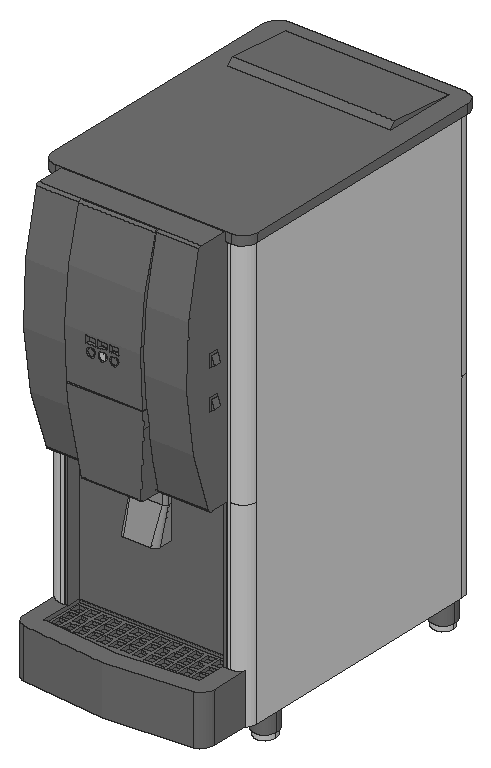
Revit family "QF_HOSHIZAKI_DCM-120KE", category Specialty Equipment, Revit 2016
Family settings
  Part Type = Normal
  Round Connector Dimension = Use Diameter
  OmniClass Number = 23.40.40.14
  OmniClass Title = Food Service Equipment
  Work Plane-Based = No
  Always vertical = Yes
  Cut with Voids When Loaded = No
  Shared = No
  Room Calculation Point = No
Parameters (values of type "DCM-120KE_240V/1Ph/60Hz")
  Weight = 57.00 kg
  Waste Remarks [instance] = ""
  Volts = 240 V
  URL Cutsheet = ""
  URL = "www.hoshizaki-europe.com"
  Status [instance] = ""
  Specification by User [instance] = ""
  Specification by Manufacturer [instance] = ""
  Serial Number = ""
  Seismic Rating = ""
  SMACNA No = ""
  Revision Code [instance] = ""
  Phase = 1
  Number of Poles = 2
  NAFEM Spec ID Number = ""
  Model = "DCM-120KE "
  Min Ckt Ampacity = 0 A
  Max Overcurrent Protection = 0 A
  Masterspec = ""
  Manufacturer = "HOSHIZAKI"
  Length Actual = 350 mm
  Item Number [instance] = ""
  Installed By [instance] = ""
  Indirect Waste Size = 25.4 mm
  Indirect Waste Connection Type [instance] = ""
  Indirect Waste Connection Height [instance] = 27 mm
  Identify Quantity as Lot [instance] = no
  Height Actual = 815 mm
  HP power = ""
  Furnished By [instance] = ""
  Foodservice Equipment Identifier [instance] = yes
  FL Amps = 20 A
  Electric power = 480 W
  Electric Connection Type [instance] = ""
  Elec Conn RI Height [instance] = 0 mm
  Elec Conn Connection Height [instance] = 45 mm
  Direct Waste RI Height [instance] = 0 mm
  Description = "DCM ICE AND WATER DISPENSER, 120KG PER 24 HOURS, CUBELET AND WATER, PUSH BUTTON"
  Depth Actual = 585 mm
  Cycle = 60 Hz
  Cost = 0
  Conn Plug = ""
  Conn Conduit = no
  Cold Water Temperature Recommended = 0 °C
  Cold Water Size = 19.05 mm
  Cold Water Flow = 0.0 L/s
  Cold Water Connection Height [instance] = 27 mm
  CSI MasterFormat = ""
  Assembly Code = "E1090320"
  Apparent Power = 480 VA
  Accessory = no
Types (2, lengths in mm): name | Volts | Cycle
  DCM-120KE_230V/1Ph/50Hz | 230 V | 50 Hz
  DCM-120KE_240V/1Ph/60Hz | 240 V | 60 Hz
Reference planes
  plane 1 "Center (Front/Back)": y = 0
  plane 2: z = 0
  plane 3 "Center (Left/Right)": x = 0
Forms (mm)
  Extrusion 1, solid, not visible
    sketch origin (24, -306, 26) x (1, 0, 0) y (0, 1, 0)
      loop
        line (0, 0) -> (2, 0) -> (2, 2) -> (0, 2) -> (0, 0)
    from 0 to 2
  Extrusion 2, solid, not visible
    sketch origin (266, -463, 26) x (1, 0, 0) y (0, 1, 0)
      loop
        line (0, 0) -> (2, 0) -> (2, 2) -> (0, 2) -> (0, 0)
    from 0 to 2
  Extrusion 3, solid, not visible
    sketch origin (319, -377, 44) x (1, 0, 0) y (0, 1, 0)
      loop
        line (0, 0) -> (2, 0) -> (2, 2) -> (0, 2) -> (0, 0)
    from 0 to 2
  Extrusion 4, solid, not visible
    sketch origin (24, -306, 26) x (1, 0, 0) y (0, 1, 0)
      loop
        line (0, 0) -> (2, 0) -> (2, 2) -> (0, 2) -> (0, 0)
    from 0 to 2
  Extrusion 5, solid, not visible
    sketch origin (266, -463, 26) x (1, 0, 0) y (0, 1, 0)
      loop
        line (0, 0) -> (2, 0) -> (2, 2) -> (0, 2) -> (0, 0)
    from 0 to 2
  Extrusion 6, solid, not visible
    sketch origin (319, -377, 44) x (1, 0, 0) y (0, 1, 0)
      loop
        line (0, 0) -> (2, 0) -> (2, 2) -> (0, 2) -> (0, 0)
    from 0 to 2
Dimensions and locks
  aligned and locked: level to plane 2
Nested families
  nested 1: "QF_HOSHIZAKI_DCM-120KE_230V_1Ph_50Hz" at (0, 0, 0), type "DCM-120KE_230V/1Ph/50Hz"
    with Show Clearance yes
Connectors
  piping at (25, -304, 27), diameter 19.05, driven by "Cold Water Size", driven by "Cold Water Flow"
    settings: on Extrusion 1, index 1, connector inside diameter 609.6 mm, connector length 0 mm, flow factor 0, pipe flow 0.0 L/s, pressure drop 0.0 Pa, fitting loss kfactor 0, connector angle 0.00°, fixture units 0, engagement length 0 mm, angle of deflection 0.00°, flow configuration 1, flow direction 1, fitting loss method 0, system type 20, joint type 0, gender type 0, connector reference index -1, connector utility 0, adjustable connector no, is connector primary yes, connector description "Cold Water connection for 'DCM-120KE'"
  piping at (267, -461, 27), diameter 25.4, driven by "Indirect Waste Size"
    settings: on Extrusion 2, index 2, connector inside diameter 609.6 mm, connector length 0 mm, flow factor 0, pipe flow 0.0 L/s, pressure drop 0.0 Pa, fitting loss kfactor 0, connector angle 0.00°, fixture units 0, engagement length 0 mm, angle of deflection 0.00°, flow configuration 1, flow direction 2, fitting loss method 0, system type 16, joint type 0, gender type 0, connector reference index -1, connector utility 0, adjustable connector no, is connector primary no, connector description "Drain connection for 'DCM-120KE'"
  electrical at (320, -375, 45), driven by "Apparent Power", driven by "Number of Poles", driven by "Volts"
    settings: on Extrusion 3, index 3, voltage 240 V, apparent load 0 VA, apparent load phase1 480 VA, apparent load phase2 0 VA, apparent load phase3 0 VA, power factor 1, load classification "Other", number of poles 2, system type 31, power factor state 1, is connector primary yes, connector utility no, sub classification motor no, connector description "Electric connection for 'DCM-120KE'"
  piping at (25, -304, 27), diameter 19.05, driven by "Cold Water Size", driven by "Cold Water Flow"
    settings: on Extrusion 4, index 4, connector inside diameter 609.6 mm, connector length 0 mm, flow factor 0, pipe flow 0.0 L/s, pressure drop 0.0 Pa, fitting loss kfactor 0, connector angle 0.00°, fixture units 0, engagement length 0 mm, angle of deflection 0.00°, flow configuration 1, flow direction 1, fitting loss method 0, system type 20, joint type 0, gender type 0, connector reference index -1, connector utility 0, adjustable connector no, is connector primary no, connector description "Cold Water connection for 'DCM-120KE'"
  piping at (267, -461, 27), diameter 25.4, driven by "Indirect Waste Size"
    settings: on Extrusion 5, index 5, connector inside diameter 609.6 mm, connector length 0 mm, flow factor 0, pipe flow 0.0 L/s, pressure drop 0.0 Pa, fitting loss kfactor 0, connector angle 0.00°, fixture units 0, engagement length 0 mm, angle of deflection 0.00°, flow configuration 1, flow direction 2, fitting loss method 0, system type 16, joint type 0, gender type 0, connector reference index -1, connector utility 0, adjustable connector no, is connector primary no, connector description "Drain connection for 'DCM-120KE'"
  electrical at (320, -375, 45), driven by "Apparent Power", driven by "Number of Poles", driven by "Volts"
    settings: on Extrusion 6, index 6, voltage 240 V, apparent load 0 VA, apparent load phase1 480 VA, apparent load phase2 0 VA, apparent load phase3 0 VA, power factor 1, load classification "Other", number of poles 2, system type 31, power factor state 1, is connector primary no, connector utility no, sub classification motor no, connector description "Electric connection for 'DCM-120KE'"
Definition of nested family "QF_HOSHIZAKI_DCM-120KE_230V_1Ph_50Hz"
  Parameters (values of type "DCM-120KE_230V/1Ph/50Hz")
    URL = "www.hoshizaki-europe.com"
    Show Clearance [instance] = yes
    Model = "DCM-120KE"
    Manufacturer = "HOSHIZAKI"
    Description = "DCM ICE AND WATER DISPENSER, 120KG PER 24 HOURS, CUBELET AND WATER, PUSH BUTTON"
    CSI MasterFormat = ""
    Assembly Code = "E1090320"
  Types (4, lengths in mm): name | Model | Description
    (no name) | "DCM-120KE-P" | "DCM ICE AND WATER DISPENSER, 120KG PER 24 HOURS, CUBELET AND WATER, PUSH BUTTON"
    DCM-120KE_230V/1Ph/50Hz | "DCM-120KE" | "DCM ICE AND WATER DISPENSER, 120KG PER 24 HOURS, CUBELET AND WATER, PUSH BUTTON"
    DCM-120KE-P | "DCM-120KE-P" | "DCM ICE AND WATER DISPENSER, 120KG PER 24 HOURS, CUBELET AND WATER, PUSH BUTTON"
    DCM-120KE-HC | "DCM-120KE-HC" | "DCM ICE AND WATER DISPENSER, 120KG PER 24 HOURS, CUBELET AND WATER, LEVER"
  Reference planes
    plane 1 "Back": y = 0
    plane 2: z = 0
    plane 3 "Left": x = 0
    plane 4 "Right": x = 350
    plane 5 "Front": y = -585
    plane 6 "Top": z = 815
    plane 7: y = -579.094
  Forms (mm)
    Extrusion 1, solid
      sketch origin (0, 0, 120) x (1, 0, 0) y (0, 1, 0)
        loop
          arc (25, 0) -> (7.322, -7.322) -> (0, -25) r 25
          line (0, -25) -> (0, -472.5)
          arc (0, -472.5) -> (7.322, -490.178) -> (25, -497.5) r 25
          line (25, -497.5) -> (325, -497.5)
          arc (325, -497.5) -> (342.678, -490.178) -> (350, -472.5) r 25
          line (350, -472.5) -> (350, -25)
          arc (350, -25) -> (342.678, -7.322) -> (325, 0) r 25
          line (325, 0) -> (25, 0)
      from 670 to 685
    Extrusion 2, solid
      sketch origin (0, 0, 389) x (1, 0, 0) y (0, 1, 0)
        loop
          arc (25, -5) -> (10.858, -10.858) -> (5, -25) r 20
          line (5, -25) -> (5, -468)
          arc (5, -468) -> (12.322, -485.678) -> (30, -493) r 25
          line (30, -493) -> (320, -493)
          arc (320, -493) -> (337.678, -485.678) -> (345, -468) r 25
          line (345, -468) -> (345, -30)
          arc (345, -30) -> (337.678, -12.322) -> (320, -5) r 25
          line (320, -5) -> (25, -5)
      from 0 to 399
    Extrusion 3, solid
      sketch origin (0, 0, 50) x (1, 0, 0) y (0, 1, 0)
        loop
          arc (25, -5) -> (10.858, -10.858) -> (5, -25) r 20
          line (5, -25) -> (5, -468)
          arc (5, -468) -> (12.322, -485.678) -> (30, -493) r 25
          line (30, -493) -> (36, -493) -> (36, -464) -> (314, -464) -> (314, -493) -> (320, -493)
          arc (320, -493) -> (337.678, -485.678) -> (345, -468) r 25
          line (345, -468) -> (345, -30)
          arc (345, -30) -> (337.678, -12.322) -> (320, -5) r 25
          line (320, -5) -> (25, -5)
      from 0 to 339
    Extrusion 4, solid
      sketch origin (0, -66, 50) x (1, 0, 0) y (0, 1, 0)
        loop
          line (12, -419.349) -> (12, -482.41)
          arc (12, -482.41) -> (17.026, -497.445) -> (30.084, -506.435) r 25
          arc (30.084, -506.435) -> (175, -519.412) -> (319.916, -506.435) r 815.614
          arc (319.916, -506.435) -> (332.974, -497.445) -> (338, -482.41) r 25
          line (338, -482.41) -> (338, -419.349)
          arc (338, -419.349) -> (329.779, -425.008) -> (320, -427) r 25
          line (320, -427) -> (314, -427) -> (314, -398) -> (36, -398) -> (36, -427) -> (30, -427)
          arc (30, -427) -> (20.221, -425.008) -> (12, -419.349) r 25
        loop
          line (308, -403) -> (42, -403) -> (42, -478.072)
          arc (42, -478.072) -> (175, -489.412) -> (308, -478.072) r 785.614
          line (308, -478.072) -> (308, -403)
      from 0 to 85
    Extrusion 5, solid
      sketch origin (0, -66, 0) x (1, 0, 0) y (0, 1, 0)
        loop
          line (36, -398) -> (36, -427) -> (42, -427) -> (42, -403) -> (308, -403) -> (308, -427) -> (314, -427) -> (314, -398) -> (36, -398)
      from 135 to 389
    Extrusion 6, solid
      sketch origin (0, -66, 47) x (0, 1, 0) y (0, 0, 1)
        loop
          line (-432, 758) -> (-481.019, 758)
          arc (-481.019, 758) -> (-484.281, 757.203) -> (-486.807, 754.99) r 7.071
          arc (-486.807, 754.99) -> (-512.728, 548.052) -> (-465.09, 345.01) r 590.478
          arc (-465.09, 345.01) -> (-462.564, 342.797) -> (-459.302, 342) r 7.071
          line (-459.302, 342) -> (-427, 342) -> (-427, 743) -> (-432, 743) -> (-432, 758)
      from 36 to 314
    Extrusion 7, solid
      sketch origin (110, -56, 47) x (0, 1, 0) y (0, 0, 1)
        loop
          arc (-517.034, 494) -> (-521.761, 625.645) -> (-496.807, 754.99) r 582.888
          arc (-496.807, 754.99) -> (-494.281, 757.203) -> (-491.019, 758) r 7.071
          line (-491.019, 758) -> (-491.929, 758)
          arc (-491.929, 758) -> (-495.191, 757.203) -> (-497.717, 754.99) r 7.071
          arc (-497.717, 754.99) -> (-526.179, 626.038) -> (-524.034, 494) r 566.877
          line (-524.034, 494) -> (-517.034, 494)
        loop
          line (-504.139, 342) -> (-468.212, 342)
          arc (-468.212, 342) -> (-471.474, 342.797) -> (-474, 345.01) r 7.071
          arc (-474, 345.01) -> (-500.684, 416.695) -> (-516.653, 491.5) r 524.296
          line (-516.653, 491.5) -> (-523.913, 491.5)
          arc (-523.913, 491.5) -> (-519.206, 418.037) -> (-509.927, 345.01) r 1179.959
          arc (-509.927, 345.01) -> (-507.401, 342.797) -> (-504.139, 342) r 7.071
      from 0 to 130
    Extrusion 8, void
      sketch origin (0, -66, 47) x (1, 0, 0) y (0, 0, 1)
        loop
          line (225, 342) -> (240, 342) -> (240, 464.165) -> (225, 342)
        loop
          line (125, 342) -> (110, 464.165) -> (110, 342) -> (125, 342)
      from 527.039 to 427
    Extrusion 9, solid
      sketch origin (0, -66, 0) x (1, 0, 0) y (0, 1, 0)
        loop
          arc (42, -478.072) -> (175, -489.412) -> (308, -478.072) r 785.614
          line (308, -478.072) -> (308, -403) -> (42, -403) -> (42, -478.072)
      from 50 to 65.191
    Extrusion 10, solid
      sketch origin (0, -66, 125) x (1, 0, 0) y (0, 1, 0)
        loop
          line (44, -405) -> (44, -478.385)
          arc (44, -478.385) -> (175, -489.412) -> (306, -478.385) r 783.614
          line (306, -478.385) -> (306, -405) -> (44, -405)
        loop
          line (62.5, -410) -> (47.5, -410) -> (47.5, -427) -> (62.5, -427) -> (62.5, -410)
        loop
          line (67.5, -410) -> (67.5, -427) -> (82.5, -427) -> (82.5, -410) -> (67.5, -410)
        loop
          line (87.5, -410) -> (87.5, -427) -> (102.5, -427) -> (102.5, -410) -> (87.5, -410)
        loop
          line (107.5, -410) -> (107.5, -427) -> (122.5, -427) -> (122.5, -410) -> (107.5, -410)
        loop
          line (127.5, -410) -> (127.5, -427) -> (142.5, -427) -> (142.5, -410) -> (127.5, -410)
        loop
          line (147.5, -410) -> (147.5, -427) -> (162.5, -427) -> (162.5, -410) -> (147.5, -410)
        loop
          line (167.5, -410) -> (167.5, -427) -> (182.5, -427) -> (182.5, -410) -> (167.5, -410)
        loop
          line (187.5, -410) -> (187.5, -427) -> (202.5, -427) -> (202.5, -410) -> (187.5, -410)
        loop
          line (207.5, -410) -> (207.5, -427) -> (222.5, -427) -> (222.5, -410) -> (207.5, -410)
        loop
          line (227.5, -410) -> (227.5, -427) -> (242.5, -427) -> (242.5, -410) -> (227.5, -410)
        loop
          line (247.5, -410) -> (247.5, -427) -> (262.5, -427) -> (262.5, -410) -> (247.5, -410)
        loop
          line (267.5, -410) -> (267.5, -427) -> (282.5, -427) -> (282.5, -410) -> (267.5, -410)
        loop
          line (287.5, -410) -> (287.5, -427) -> (302.5, -427) -> (302.5, -410) -> (287.5, -410)
        loop
          line (62.5, -432) -> (47.5, -432) -> (47.5, -449) -> (62.5, -449) -> (62.5, -432)
        loop
          line (67.5, -432) -> (67.5, -449) -> (82.5, -449) -> (82.5, -432) -> (67.5, -432)
        loop
          line (87.5, -432) -> (87.5, -449) -> (102.5, -449) -> (102.5, -432) -> (87.5, -432)
        loop
          line (107.5, -432) -> (107.5, -449) -> (122.5, -449) -> (122.5, -432) -> (107.5, -432)
        loop
          line (127.5, -432) -> (127.5, -449) -> (142.5, -449) -> (142.5, -432) -> (127.5, -432)
        loop
          line (147.5, -432) -> (147.5, -449) -> (162.5, -449) -> (162.5, -432) -> (147.5, -432)
        loop
          line (167.5, -432) -> (167.5, -449) -> (182.5, -449) -> (182.5, -432) -> (167.5, -432)
        loop
          line (187.5, -432) -> (187.5, -449) -> (202.5, -449) -> (202.5, -432) -> (187.5, -432)
        loop
          line (207.5, -432) -> (207.5, -449) -> (222.5, -449) -> (222.5, -432) -> (207.5, -432)
        loop
          line (227.5, -432) -> (227.5, -449) -> (242.5, -449) -> (242.5, -432) -> (227.5, -432)
        loop
          line (247.5, -432) -> (247.5, -449) -> (262.5, -449) -> (262.5, -432) -> (247.5, -432)
        loop
          line (267.5, -432) -> (267.5, -449) -> (282.5, -449) -> (282.5, -432) -> (267.5, -432)
        loop
          line (287.5, -432) -> (287.5, -449) -> (302.5, -449) -> (302.5, -432) -> (287.5, -432)
        loop
          line (62.5, -454) -> (47.5, -454) -> (47.5, -471) -> (62.5, -471) -> (62.5, -454)
        loop
          line (67.5, -454) -> (67.5, -471) -> (82.5, -471) -> (82.5, -454) -> (67.5, -454)
        loop
          line (87.5, -454) -> (87.5, -471) -> (102.5, -471) -> (102.5, -454) -> (87.5, -454)
        loop
          line (107.5, -454) -> (107.5, -471) -> (122.5, -471) -> (122.5, -454) -> (107.5, -454)
        loop
          line (127.5, -454) -> (127.5, -471) -> (142.5, -471) -> (142.5, -454) -> (127.5, -454)
        loop
          line (147.5, -454) -> (147.5, -471) -> (162.5, -471) -> (162.5, -454) -> (147.5, -454)
        loop
          line (167.5, -454) -> (167.5, -471) -> (182.5, -471) -> (182.5, -454) -> (167.5, -454)
        loop
          line (187.5, -454) -> (187.5, -471) -> (202.5, -471) -> (202.5, -454) -> (187.5, -454)
        loop
          line (207.5, -454) -> (207.5, -471) -> (222.5, -471) -> (222.5, -454) -> (207.5, -454)
        loop
          line (227.5, -454) -> (227.5, -471) -> (242.5, -471) -> (242.5, -454) -> (227.5, -454)
        loop
          line (247.5, -454) -> (247.5, -471) -> (262.5, -471) -> (262.5, -454) -> (247.5, -454)
        loop
          line (267.5, -454) -> (267.5, -471) -> (282.5, -471) -> (282.5, -454) -> (267.5, -454)
        loop
          line (287.5, -454) -> (287.5, -471) -> (302.5, -471) -> (302.5, -454) -> (287.5, -454)
      from 0 to 5
    Blend 11, solid
      base sketch origin (0, -166, 47) x (1, 0, 0) y (0, 1, 0)
        loop
          line (140.482, -311.165) -> (140.482, -332.165)
          arc (140.482, -332.165) -> (143.411, -339.236) -> (150.482, -342.165) r 10
          line (150.482, -342.165) -> (195.482, -342.165)
          arc (195.482, -342.165) -> (202.553, -339.236) -> (205.482, -332.165) r 10
          line (205.482, -332.165) -> (205.482, -311.165) -> (140.482, -311.165)
      top sketch origin (0, -166, 0) x (1, 0, 0) y (0, 1, 0)
        loop
          line (140.482, -311.165) -> (140.482, -316.665)
          arc (140.482, -316.665) -> (142.093, -320.554) -> (145.982, -322.165) r 5.5
          line (145.982, -322.165) -> (199.982, -322.165)
          arc (199.982, -322.165) -> (203.871, -320.554) -> (205.482, -316.665) r 5.5
          line (205.482, -316.665) -> (205.482, -311.165) -> (140.482, -311.165)
      from 237.398 to 342.491
    Extrusion 12, solid
      sketch origin (0, -56, 615.172) x (1, 0, 0) y (0, 1, 0)
        loop
          line (148.752, -523.552) -> (161.455, -525.792) -> (161.455, -520.871) -> (148.752, -520.871) -> (148.752, -523.552)
      from 0.911 to 8.576
    Extrusion 13, solid
      sketch origin (20, -56, 615.172) x (1, 0, 0) y (0, 1, 0)
        loop
          line (148.752, -523.552) -> (161.455, -525.792) -> (161.455, -520.871) -> (148.752, -520.871) -> (148.752, -523.552)
      from 0.911 to 8.576
    Extrusion 14, solid
      sketch origin (40, -56, 615.172) x (1, 0, 0) y (0, 1, 0)
        loop
          line (148.752, -523.552) -> (161.455, -525.792) -> (161.455, -520.871) -> (148.752, -520.871) -> (148.752, -523.552)
      from 0.911 to 8.576
    Extrusion 15, solid
      sketch origin (0, -576.871, 47) x (1, 0, 0) y (0, 0, 1)
        loop
          circle (155.195, 555.5) r 5.5
      from 0 to 7.129
    Extrusion 16, solid
      sketch origin (40, -576.871, 47) x (1, 0, 0) y (0, 0, 1)
        loop
          circle (155.195, 555.5) r 5.5
      from 0 to 7.129
    Extrusion 17, solid
      sketch origin (20, -576.871, 47) x (1, 0, 0) y (0, 0, 1)
        loop
          circle (155.195, 555.5) r 5.5
      from 0 to 7.129
    Extrusion 18, solid
      sketch origin (-132.67, 338.627, 0.282) x (1, 0, 0) y (0, 1, 0)
        loop
          circle (166.67, -372.627) r 20.5
      from 9.718 to 49.718
    Extrusion 19, solid
      sketch origin (-132.67, 338.627, 0) x (1, 0, 0) y (0, 1, 0)
        loop
          circle (166.67, -372.627) r 17.5
      from 0 to 10
    Extrusion 20, solid
      sketch origin (482.67, 338.627, 0.282) x (-1, 0, 0) y (0, -1, 0)
        loop
          circle (166.67, 372.627) r 20.5
      from 9.718 to 49.718
    Extrusion 21, solid
      sketch origin (482.67, 338.627, 0) x (-1, 0, 0) y (0, -1, 0)
        loop
          circle (166.67, 372.627) r 17.5
      from 0 to 10
    Extrusion 22, solid
      sketch origin (-132.67, -41.373, 0.282) x (1, 0, 0) y (0, 1, 0)
        loop
          circle (166.67, -372.627) r 20.5
      from 9.718 to 49.718
    Extrusion 23, solid
      sketch origin (-132.67, -41.373, 0) x (1, 0, 0) y (0, 1, 0)
        loop
          circle (166.67, -372.627) r 17.5
      from 0 to 10
    Extrusion 24, solid
      sketch origin (482.67, -41.373, 0.282) x (-1, 0, 0) y (0, -1, 0)
        loop
          circle (166.67, 372.627) r 20.5
      from 9.718 to 49.718
    Extrusion 25, solid
      sketch origin (482.67, -41.373, 0) x (-1, 0, 0) y (0, -1, 0)
        loop
          circle (166.67, 372.627) r 17.5
      from 0 to 10
    Extrusion 26, solid
      sketch origin (0, -66, 47) x (1, 0, 0) y (0, 1, 0)
        loop
          line (140.482, -411.165) -> (140.482, -416.665)
          arc (140.482, -416.665) -> (142.093, -420.554) -> (145.982, -422.165) r 5.5
          line (145.982, -422.165) -> (199.982, -422.165)
          arc (199.982, -422.165) -> (203.871, -420.554) -> (205.482, -416.665) r 5.5
          line (205.482, -416.665) -> (205.482, -411.165) -> (140.482, -411.165)
      from 295.491 to 342
    Extrusion 27, solid
      sketch origin (0, 0, 120) x (0, 1, 0) y (0, 0, 1)
        loop
          line (-20, 685) -> (-134.301, 695) -> (-144.301, 685) -> (-20, 685)
      from 314 to 36
    Extrusion 28, solid
      sketch origin (-6.587, -35.66, 27) x (1, 0, 0) y (0, 1, 0)
        loop
          circle (31.587, -268.34) r 10
        loop
          circle (31.587, -268.34) r 8
      from 0 to 23
    Extrusion 29, solid
      sketch origin (117.104, -60.281, 45) x (1, 0, 0) y (0, 1, 0)
        loop
          circle (202.896, -313.719) r 5
      from 0 to 5
    Sweep 30, solid
      path origin (267, -143.502, 0) x (0, 1, 0) y (0, 0, 1)
        loop
          line (-343, 50) -> (-343, 37.5)
          arc (-343, 37.5) -> (-338.607, 26.893) -> (-328, 22.5) r 15
          line (-328, 22.5) -> (-317.393, 22.5)
      profile origin (267, -486.502, 43.75) x (1, 0, 0) y (0, 1, 0)
        loop
          circle (0, 0) r 12.5
        loop
          circle (0, 0) r 10.5
    Extrusion 31, solid
      sketch origin (314, 15, 82) x (0, 1, 0) y (0, 0, 1)
        loop
          line (-546.84, 550.904) -> (-546.84, 529.904) -> (-531.84, 529.904) -> (-531.84, 550.904) -> (-546.84, 550.904)
      from 0 to 2
    Extrusion 32, solid
      sketch origin (314, 15, 15) x (0, 1, 0) y (0, 0, 1)
        loop
          line (-546.84, 550.904) -> (-546.84, 529.904) -> (-531.84, 529.904) -> (-531.84, 550.904) -> (-546.84, 550.904)
      from 0 to 2
    Extrusion 33, solid
      sketch origin (0, -679.835, 47) x (1, 0, 0) y (0, 0, 1)
        loop
          line (316, 583.434) -> (316, 566.716) -> (322.223, 569.617) -> (318.043, 582.481) -> (316, 583.434)
      from -150 to -160.99
    Extrusion 34, solid
      sketch origin (0, -679.835, -20) x (1, 0, 0) y (0, 0, 1)
        loop
          line (316, 583.434) -> (316, 566.716) -> (322.223, 569.617) -> (318.043, 582.481) -> (316, 583.434)
      from -150 to -160.99
    Extrusion 35, void
      sketch origin (0, -765, 0) x (1, 0, 0) y (0, 0, 1)
        loop
          circle (155.195, 602.5) r 7.5
        loop
          line (163.455, 614.083) -> (163.455, 625.748) -> (146.752, 625.748) -> (146.752, 614.083) -> (163.455, 614.083)
        loop
          line (166.752, 614.083) -> (183.455, 614.083) -> (183.455, 625.748) -> (166.752, 625.748) -> (166.752, 614.083)
        loop
          line (186.752, 625.748) -> (186.752, 614.083) -> (203.455, 614.083) -> (203.455, 625.748) -> (186.752, 625.748)
        loop
          circle (175.195, 602.5) r 7.5
        loop
          circle (195.195, 602.5) r 7.5
      from -166 to -188.129
  Cuts and joins
    Extrusion 8, Extrusion 35 cuts Extrusion 7
    joined: Extrusion 2, Extrusion 3
  Lines and regions (mm)
    symbolic lines
      curve 1: line (25, 0, 0) -> (325, 0, 0)
      curve 2: arc (325, 0, 0) -> (342.678, -7.322, 0) -> (350, -25, 0) r 25
      curve 3: line (350, -25, 0) -> (350, -472.5, 0)
      curve 4: arc (350, -472.5, 0) -> (342.678, -490.178, 0) -> (325, -497.5, 0) r 25
      curve 5: line (338, -493.854, 0) -> (338, -548.41, 0)
      curve 6: arc (338, -548.41, 0) -> (332.974, -563.445, 0) -> (319.916, -572.435, 0) r 25
      curve 7: arc (319.916, -572.435, 0) -> (177.958, -585.981, 0) -> (36, -572.435, 0) r 750.588
      curve 8: arc (36, -572.435, 0) -> (19.029, -565.405, 0) -> (12, -548.435, 0) r 24
      curve 9: line (12, -548.435, 0) -> (12, -493.854, 0)
      curve 10: arc (25, -497.5, 0) -> (7.322, -490.178, 0) -> (0, -472.5, 0) r 25
      curve 11: line (0, -472.5, 0) -> (0, -25, 0)
      curve 12: arc (0, -25, 0) -> (7.322, -7.322, 0) -> (25, 0, 0) r 25
      curve 13: line (36, -497.5, 0) -> (36, -572.435, 0)
      curve 14: line (314, -497.5, 0) -> (314, -573.55, 0)
      curve 15: line (325, -497.5, 0) -> (25, -497.5, 0)
      curve 16: line (314, -20, 0) -> (36, -20, 0)
      curve 17: line (314, -144.301, 0) -> (314, -20, 0)
      curve 18: line (36, -144.301, 0) -> (314, -144.301, 0)
      curve 19: line (36, -20, 0) -> (36, -144.301, 0)
  Dimensions and locks
    aligned and locked: level to plane 2
  Connectors
    piping at (25, -304, 27), diameter 19.05
      settings: on Extrusion 28, index 1, connector inside diameter 609.6 mm, connector length 0 mm, flow factor 0, pipe flow 0.0 L/s, pressure drop 0.0 Pa, fitting loss kfactor 0, connector angle 0.00°, fixture units 0, engagement length 0 mm, angle of deflection 0.00°, flow configuration 1, flow direction 1, fitting loss method 0, system type 20, joint type 0, gender type 0, connector reference index -1, connector utility 0, adjustable connector no, is connector primary yes, connector description "Cold Water Connection"
    electrical at (320, -374, 45)
      settings: on Extrusion 29, index 2, voltage 230 V, apparent load 0 VA, apparent load phase1 480 VA, apparent load phase2 0 VA, apparent load phase3 0 VA, power factor 1, load classification none, number of poles 1, system type 31, power factor state 1, is connector primary yes, connector utility no, sub classification motor no, connector description "Electrical Connection"
    piping at (267, -460.895, 22.5), diameter 25.4
      settings: on Sweep 30, index 3, connector inside diameter 609.6 mm, connector length 0 mm, flow factor 0, pipe flow 0.0 L/s, pressure drop 0.0 Pa, fitting loss kfactor 0, connector angle 0.00°, fixture units 0, engagement length 0 mm, angle of deflection 0.00°, flow configuration 1, flow direction 2, fitting loss method 0, system type 16, joint type 0, gender type 0, connector reference index -1, connector utility 0, adjustable connector no, is connector primary no, connector description "Indirect Waste Connection"
